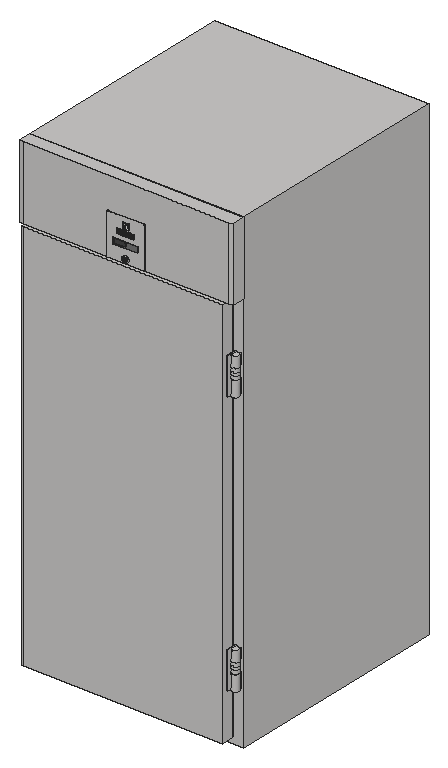
Revit family "QF_ELECTROLUXPROFESSIONAL_725099_RI16R1FR", category Specialty Equipment, Revit 2018
Family settings
  Round Connector Dimension = Use Diameter
  Part Type = Normal
  Work Plane-Based = No
  Always vertical = Yes
  Cut with Voids When Loaded = No
  Shared = No
  Room Calculation Point = No
Parameters
  Weight = 200.00 kg
  Watts = 0 W
  Volts = 0 V
  URL Manufacturer = ""
  URL = ""
  Steam Supply Size = 0 mm
  Steam Supply Minimum Pressure = 0.0 Pa
  Steam Supply Maximum Pressure = 0.0 Pa
  Steam Pounds per Hour = 0
  Refrigeration Suction Line Size = 0 mm
  Refrigeration Liquid Line Size = 0 mm
  Refrigerant Compressor Remote = yes
  Manufacturer = ""
  Phase = 0
  Model = ""
  Length Actual = 1021 mm  # constant formula
  Item Number = ""
  Hot Water Size = 0 mm
  Height Actual = 2273 mm  # constant formula
  HP = "0.7 HP"
  Gas Size = 0 mm
  Gas KW = 0
  Gas Input Pressure = 0 W
  Direct Waste Size = 0 mm
  Description = ""
  Depth Actual = 1175 mm  # constant formula
  Cycle = 0 Hz
  Condensate Return Size = 0 mm
  Compressed Air Volume = 0.0 L/s
  Compressed Air Size = 0 mm
  Compressed Air Pressure = 0.0 Pa
  Cold Water Size = 0 mm
  Accessory = yes
Types (2, lengths in mm): name | Volts | URL Manufacturer | URL | Manufacturer | Phase | Model | Item Number | Description | Cycle
  (no name) | 0 V | "" | "" | "" | 0 | "" | "" | "" | 0 Hz
  Standard | 220 V | "http://professional.electrolux.com" | "http://professional.electrolux.com" | "Electrolux Professional" | 1 | "RI16R1FR" | "725099" | "1-DOOR ROLL-IN REFRIGERATOR 1600L +2°C R290" | 50 Hz
Reference planes
  plane 1 "Center (Front/Back)": y = 0
  plane 2: z = 0
  plane 3 "Center (Left/Right)": x = 0
  plane 4 "TOP": z = 2273
  plane 5 "FRONT": y = -587.5
  plane 6 "BACK": y = 587.5
  plane 7 "LEFT": x = -510.5
  plane 8 "RIGHT": x = 510.5
  plane 9 "ROy": y = -397.5
  plane 10 "RIy": y = -393.5
  plane 11 "ROx": x = 394.5
  plane 12 "RIx": x = 332.5
  plane 13 "ROz": z = 2054
Forms (mm)
  Extrusion 1, solid, material "QF_Finishes_Stainless Steel"
    sketch origin (0, 0, 0) x (1, 0, 0) y (0, 1, 0)
      loop
        line (-510.5, 587.5) -> (-510.5, -515.5) -> (510.5, -515.5) -> (510.5, 587.5) -> (-510.5, 587.5)
    from 0 to 2273
  Extrusion 2, solid
    sketch origin (0, 587.5, 1872) x (-1, 0, 0) y (0, 0, 1)
      loop
        circle (494.5, 306) r 10
    from 0 to 3.2
  Extrusion 3, solid, material "QF_Clearances", detail levels coarse
    sketch origin (0, 0, 0) x (1, 0, 0) y (0, 1, 0)
      loop
        line (-510.5, -587.5) -> (-510.5, 587.5) -> (510.5, 587.5) -> (510.5, -587.5) -> (560.5, -587.5) -> (560.5, 637.5) -> (-560.5, 637.5) -> (-560.5, -587.5) -> (-510.5, -587.5)
    from 0 to 2273
  Extrusion 4, solid, material "QF_Clearances", detail levels coarse
    sketch origin (0, 0, 2273) x (-1, 0, 0) y (0, -1, 0)
      loop
        line (560.5, -637.5) -> (560.5, 587.5) -> (-560.5, 587.5) -> (-560.5, -637.5) -> (560.5, -637.5)
    from 0 to 500
  Extrusion 5, void
    sketch origin (0, 587.5, 0) x (-1, 0, 0) y (0, 0, 1)
      loop
        line (450.5, 1865) -> (-450.5, 1865) -> (-450.5, 5) -> (450.5, 5) -> (450.5, 1865)
    from -59 to -1084
Cuts and joins
  joined: Extrusion 3, Extrusion 4
  Extrusion 5 cuts Extrusion 1
Lines and regions (mm)
  symbolic lines, style "QF_Clearances", detail levels coarse
    curve 1: line (-510.5, -587.5, 2273) -> (-560.5, -587.5, 2273)
    curve 2: line (-560.5, -587.5, 2273) -> (-560.5, 637.5, 2273)
    curve 3: line (-560.5, 637.5, 2273) -> (560.5, 637.5, 2273)
    curve 4: line (560.5, 637.5, 2273) -> (560.5, -587.5, 2273)
    curve 5: line (560.5, -587.5, 2273) -> (510.5, -587.5, 2273)
Dimensions and locks
  plane 6 "BACK" to plane 1 "Center (Front/Back)" to plane 5 "FRONT" = 587.5 mm, 587.5 mm
  equal spacing: plane 7 "LEFT", plane 3 "Center (Left/Right)", plane 8 "RIGHT"
  plane 7 "LEFT" to plane 8 "RIGHT" = 1021 mm
  plane 6 "BACK" to plane 5 "FRONT" = 1175 mm
  plane 4 "TOP" to plane 2 = 2273 mm
  equal spacing: plane 8 "RIGHT", plane 3 "Center (Left/Right)", plane 7 "LEFT"
  plane 6 "BACK" to nested 1 = 2123 mm
  cut or joined group of Extrusion 1, Extrusion 5 to cut or joined group of Extrusion 1, Extrusion 5 = 901 mm
  cut or joined group of Extrusion 1, Extrusion 5 to cut or joined group of Extrusion 1, Extrusion 5 = 1044 mm
  plane 6 "BACK" to plane 10 "RIy" = 981 mm
  plane 6 "BACK" to plane 9 "ROy" = 985 mm
  plane 12 "RIx" to plane 11 "ROx" = 62 mm
  cut or joined group of Extrusion 1, Extrusion 5 to plane 13 "ROz" = 219 mm
  cut or joined group of Extrusion 3, Extrusion 4 to plane 4 "TOP" = 500 mm
  nested 1 to cut or joined group of Extrusion 1, Extrusion 5 = 1169 mm
  cut or joined group of Extrusion 3, Extrusion 4 to cut or joined group of Extrusion 1, Extrusion 5 = 50 mm
  cut or joined group of Extrusion 3, Extrusion 4 to plane 7 "LEFT" = 50 mm
  cut or joined group of Extrusion 1, Extrusion 5 to cut or joined group of Extrusion 3, Extrusion 4 = 50 mm
  plane 4 "TOP" to plane 13 "ROz" = 219 mm
  plane 11 "ROx" to plane 8 "RIGHT" = 116 mm
  plane 8 "RIGHT" to plane 7 "LEFT" = 1021 mm
  aligned and locked: level to plane 2
Automatic sketch dimensions
  plane 7 "LEFT" to Extrusion 2 sketch curve = 16 mm
  Extrusion 4 sketch curve to plane 5 "FRONT" = 0 mm
  Extrusion 4 sketch curve to plane 8 "RIGHT" = 50 mm
  Extrusion 4 sketch curve to plane 7 "LEFT" = 50 mm
  plane 6 "BACK" to Extrusion 4 sketch curve = 50 mm
  Extrusion 1 sketch curve to plane 7 "LEFT" = 0 mm
  Extrusion 1 sketch curve to plane 8 "RIGHT" = 0 mm
  Extrusion 1 sketch curve to plane 6 "BACK" = 0 mm
  plane 5 "FRONT" to Extrusion 1 sketch curve = 72 mm
  Extrusion 2 sketch curve to plane 4 "TOP" = 95 mm
  Extrusion 3 sketch curve to plane 5 "FRONT" = 0 mm  (x2)
  Extrusion 3 sketch curve to plane 7 "LEFT" = 0 mm
  Extrusion 3 sketch curve to plane 6 "BACK" = 0 mm
  Extrusion 3 sketch curve to plane 8 "RIGHT" = 0 mm
  Extrusion 3 sketch curve to plane 7 "LEFT" = 50 mm
  Extrusion 3 sketch curve to plane 8 "RIGHT" = 50 mm
  plane 6 "BACK" to Extrusion 3 sketch curve = 50 mm
  level to Extrusion 5 sketch curve = 5 mm
  plane 8 "RIGHT" to Extrusion 5 sketch curve = 60 mm
  plane 7 "LEFT" to Extrusion 5 sketch curve = 60 mm
  Extrusion 5 sketch curve to plane 4 "TOP" = 408 mm
  curve 4 to plane 5 "FRONT" = 0 mm
  curve 5 to plane 8 "RIGHT" = 0 mm
  curve 1 to plane 5 "FRONT" = 0 mm
  curve 1 to plane 7 "LEFT" = 0 mm
  curve 4 to plane 8 "RIGHT" = 50 mm
  curve 2 to plane 7 "LEFT" = 50 mm
  plane 6 "BACK" to curve 4 = 50 mm
  radius of Extrusion 2 sketch curve = 10 mm
Nested families
  nested 1: "QF_725099_Door" at (0, -515.5, 1129.637) x (1, 0, 0) z (0, -1, 0), type "QF_725099_Door"
    with Show Clearance yes
  nested 2: "Refrigerator" at (370, -442.5, 110), type "Refrigerator"
Connectors
  electrical at (-494.5, 590.7, 2178), driven by "Volts"
    settings: on Extrusion 2, index 2, voltage 0 V, apparent load 0 VA, apparent load phase1 0 VA, apparent load phase2 0 VA, apparent load phase3 0 VA, power factor 1, load classification "Other", number of poles 1, system type 30, power factor state 1, is connector primary yes, connector utility no, sub classification motor no, connector description "Electrical Connection"
Definition of nested family "QF_725099_Door"
  Parameters
    Show Clearance [instance] = yes
    Model = "725099"
    Default Elevation = 1219.2 mm
  Reference planes
    plane 1 "Center (Front/Back)": y = 6.863
    plane 2: z = 0
    plane 3 "Center (Left/Right)": x = 0
  Forms (mm)
    Extrusion 1, solid
      sketch origin (0, -919.2, 0) x (1, 0, 0) y (0, 1, 0)
        loop
          line (-1100, 2726.7) -> (-1100, -663.873) -> (1016.701, -663.873) -> (1016.701, 2726.7) -> (-1100, 2726.7)
      from 0 to -59.546
    Extrusion 2, solid
      sketch origin (0, 6.863, 0) x (1, 0, 0) y (0, 0, 1)
        loop
          line (-510.5, 60.667) -> (-510.5, 0) -> (510.5, 0) -> (510.5, 60.667) -> (490.5, 66) -> (-490.5, 66) -> (-510.5, 60.667)
      from -1136.5 to -786.5
    Extrusion 3, solid
      sketch origin (0, 6.863, 0) x (1, 0, 0) y (0, 0, 1)
        loop
          line (-498.5, 26) -> (-483.5, 26) -> (-483.5, 8) -> (-465.5, 8) -> (-465.5, 0) -> (457.5, 0) -> (457.5, 8) -> (461.5, 8) -> (461.5, 66) -> (-490.5, 66) -> (-498.5, 63.867) -> (-498.5, 26)
      from -775 to 1105
    Extrusion 4, solid, detail levels coarse
      sketch origin (154.5, 1013.369, -334) x (-1, 0, 0) y (0, 0, -1)
        loop
          line (-367, -352) -> (-367, -1354) -> (-329, -1354) -> (-329, -1332) -> (-311, -1332) -> (-311, -1314) -> (-303, -1314) -> (-303, -400) -> (-351, -400) -> (-351, -352) -> (-367, -352)
      from 2110.506 to 232.142
    Extrusion 5, solid, detail levels coarse
      sketch origin (171.5, 1121.732, -334) x (1, 0, 0) y (0, 0, 1)
        loop
          line (286, 400) -> (286, 1314) -> (294, 1314) -> (294, 1332) -> (312, 1332) -> (312, 1354)
          arc (312, 1354) -> (-379.974, 1081.719) -> (-677, 400) r 972.027
          line (-677, 400) -> (286, 400)
      from 2219.869 to 339.869
    Extrusion 6, solid
      sketch origin (-4, 6.863, 0) x (1, 0, 0) y (0, 0, 1)
        loop
          line (465.5, 46) -> (465.5, 0) -> (474.5, 0) -> (474.5, 46) -> (465.5, 46)
      from -550 to -375
    Extrusion 7, solid
      sketch origin (-4, 6.863, -15.333) x (1, 0, 0) y (0, 0, 1)
        loop
          arc (501.5, 23.843) -> (491.5, 52.333) -> (481.5, 23.843) r 16
          line (481.5, 23.843) -> (481.5, 15.333) -> (501.5, 15.333) -> (501.5, 23.843)
      from -500 to -550
    Extrusion 8, solid
      sketch origin (451.167, 6.863, 512.5) x (0, 0, -1) y (1, 0, 0)
        loop
          arc (501.5, 23.843) -> (491.5, 52.333) -> (481.5, 23.843) r 16
          line (481.5, 23.843) -> (481.5, 19.333) -> (501.5, 19.333) -> (501.5, 23.843)
      from -482 to -500
    Extrusion 9, solid
      sketch origin (-4, 6.863, -15.333) x (1, 0, 0) y (0, 0, 1)
        loop
          arc (501.5, 23.843) -> (491.5, 52.333) -> (481.5, 23.843) r 16
          line (481.5, 23.843) -> (481.5, 15.333) -> (501.5, 15.333) -> (501.5, 23.843)
      from -445 to -375
    Extrusion 10, solid
      sketch origin (451.167, 6.863, 512.5) x (0, 0, -1) y (1, 0, 0)
        loop
          arc (501.5, 23.843) -> (491.5, 52.333) -> (481.5, 23.843) r 16
          line (481.5, 23.843) -> (481.5, 19.333) -> (501.5, 19.333) -> (501.5, 23.843)
      from -469 to -482
    Extrusion 11, solid
      sketch origin (451.167, 6.863, 512.5) x (0, 0, -1) y (1, 0, 0)
        loop
          arc (501.5, 23.843) -> (491.5, 52.333) -> (481.5, 23.843) r 16
          line (481.5, 23.843) -> (481.5, 19.333) -> (501.5, 19.333) -> (501.5, 23.843)
      from -451 to -469
    Extrusion 12, solid
      sketch origin (-4, 6.863, 0) x (1, 0, 0) y (0, 0, 1)
        loop
          circle (491.5, 21) r 12
      from -451 to -445
    Extrusion 13, solid
      sketch origin (-4, -1252.773, 0) x (1, 0, 0) y (0, 0, 1)
        loop
          line (465.5, 46) -> (465.5, 0) -> (474.5, 0) -> (474.5, 46) -> (465.5, 46)
      from -550 to -375
    Extrusion 14, solid
      sketch origin (-4, -1252.773, -15.333) x (1, 0, 0) y (0, 0, 1)
        loop
          arc (501.5, 23.843) -> (491.5, 52.333) -> (481.5, 23.843) r 16
          line (481.5, 23.843) -> (481.5, 15.333) -> (501.5, 15.333) -> (501.5, 23.843)
      from -500 to -550
    Extrusion 15, solid
      sketch origin (451.167, -1252.773, 512.5) x (0, 0, -1) y (1, 0, 0)
        loop
          arc (501.5, 23.843) -> (491.5, 52.333) -> (481.5, 23.843) r 16
          line (481.5, 23.843) -> (481.5, 19.333) -> (501.5, 19.333) -> (501.5, 23.843)
      from -482 to -500
    Extrusion 16, solid
      sketch origin (-4, -1252.773, -15.333) x (1, 0, 0) y (0, 0, 1)
        loop
          arc (501.5, 23.843) -> (491.5, 52.333) -> (481.5, 23.843) r 16
          line (481.5, 23.843) -> (481.5, 15.333) -> (501.5, 15.333) -> (501.5, 23.843)
      from -445 to -375
    Extrusion 17, solid
      sketch origin (451.167, -1252.773, 512.5) x (0, 0, -1) y (1, 0, 0)
        loop
          arc (501.5, 23.843) -> (491.5, 52.333) -> (481.5, 23.843) r 16
          line (481.5, 23.843) -> (481.5, 19.333) -> (501.5, 19.333) -> (501.5, 23.843)
      from -469 to -482
    Extrusion 18, solid
      sketch origin (451.167, -1252.773, 512.5) x (0, 0, -1) y (1, 0, 0)
        loop
          arc (501.5, 23.843) -> (491.5, 52.333) -> (481.5, 23.843) r 16
          line (481.5, 23.843) -> (481.5, 19.333) -> (501.5, 19.333) -> (501.5, 23.843)
      from -451 to -469
    Extrusion 19, solid
      sketch origin (-4, -1252.773, 0) x (1, 0, 0) y (0, 0, 1)
        loop
          circle (491.5, 21) r 12
      from -451 to -445
  Lines and regions (mm)
    symbolic lines
      curve 1: line (-510.5, 6.863, 0) -> (-510.5, 6.863, 60.667)
      curve 2: line (510.5, 6.863, 0) -> (-510.5, 6.863, 0)
      curve 3: line (521.5, 6.863, 18) -> (521.5, 6.863, 1020)
      curve 4: line (457.5, 6.863, 66) -> (457.5, 6.863, 980)
      curve 5: line (521.5, 6.863, 1020) -> (483.5, 6.863, 1020)
      curve 6: line (483.5, 6.863, 998) -> (483.5, 6.863, 1020)
      curve 7: line (465.5, 6.863, 998) -> (483.5, 6.863, 998)
      curve 8: line (465.5, 6.863, 980) -> (465.5, 6.863, 998)
      curve 9: line (457.5, 6.863, 980) -> (465.5, 6.863, 980)
      curve 10: line (510.5, 6.863, 18) -> (521.5, 6.863, 18)
      curve 11: line (-490.5, 6.863, 66) -> (-510.5, 6.863, 60.667)
      curve 12: line (490.5, 6.863, 66) -> (-490.5, 6.863, 66)
      curve 13: line (510.5, 6.863, 60.667) -> (490.5, 6.863, 66)
      curve 14: line (510.5, 6.863, 60.667) -> (510.5, 6.863, 0)
      curve 15: arc (483.5, 6.863, 1020) -> (-208.474, 6.863, 747.719) -> (-505.5, 6.863, 66) r 972.027
  Dimensions and locks
    aligned and locked: plane 2 to Extrusion 1
    aligned and locked: level to Extrusion 1
  Nested families
    nested 1: "QF_DisplayNewRollCabinets_ELX" at (0, 893.363, 66), type "QF_DisplayNewRollCabinets_ELX"
      with Show Clearance yes
  Definition of nested family "QF_DisplayNewRollCabinets_ELX"
    Parameters
      Show Clearance [instance] = yes
      Model = "728658"
      Default Elevation = 1219.2 mm
    Reference planes
      plane 1 "Center (Front/Back)": y = 0
      plane 2: z = 0
      plane 3 "Center (Left/Right)": x = 0
    Forms (mm)
      Extrusion 1, solid
        sketch origin (0, -919.2, 0) x (1, 0, 0) y (0, 1, 0)
          loop
            line (-198.75, 1146.2) -> (-198.75, 709.567) -> (165.741, 709.567) -> (165.741, 1146.2) -> (-198.75, 1146.2)
        from 0 to -59.546
      Extrusion 2, solid
        sketch origin (-59, -79.611, 0) x (0, 1, 0) y (-1, 0, 0)
          loop
            circle (0.611, -59) r 14
          loop
            circle (0.611, -59) r 10
        from 1.6 to 6
      Extrusion 3, solid
        sketch origin (744.635, 285.889, 0) x (0, 1, 0) y (-1, 0, 0)
          loop
            circle (-364.889, 744.635) r 10
          loop
            circle (-364.889, 744.635) r 9
        from 1.6 to 6
      Extrusion 4, solid
        sketch origin (744.635, 285.889, 0) x (0, 1, 0) y (-1, 0, 0)
          loop
            circle (-364.889, 744.635) r 8.7
        from 1.6 to 6
      Extrusion 5, void
        sketch origin (744.635, 285.889, 0) x (0, 1, 0) y (-1, 0, 0)
          loop
            line (-372.339, 745.885) -> (-372.339, 743.385) -> (-362.339, 743.385) -> (-362.339, 745.885) -> (-372.339, 745.885)
        from 3 to 7
      Extrusion 6, solid
        sketch origin (0, 0, 0) x (1, 0, 0) y (0, 1, 0)
          loop
            arc (-90, -95) -> (-88.536, -98.536) -> (-85, -100) r 5
            line (-85, -100) -> (85, -100)
            arc (85, -100) -> (88.536, -98.536) -> (90, -95) r 5
            line (90, -95) -> (90, 95)
            arc (90, 95) -> (88.536, 98.536) -> (85, 100) r 5
            line (85, 100) -> (-85, 100)
            arc (-85, 100) -> (-88.536, 98.536) -> (-90, 95) r 5
            line (-90, 95) -> (-90, -95)
          loop
            line (-60, -3.798) -> (-60, -32.827) -> (60, -32.827) -> (60, -3.798) -> (-60, -3.798)
        from 0 to 1.6
      Extrusion 7, solid
        sketch origin (0, 0, 0) x (1, 0, 0) y (0, 1, 0)
          loop
            line (-60, -3.798) -> (-60, -32.827) -> (60, -32.827) -> (60, -3.798) -> (-60, -3.798)
          loop
            line (-56.428, -8.037) -> (-56.428, -28.331) -> (0, -28.331) -> (0, -8.037) -> (-56.428, -8.037)
        from 0 to 1.6
      Extrusion 8, solid
        sketch origin (0, 0, 0) x (1, 0, 0) y (0, 1, 0)
          loop
            line (-56.428, -8.037) -> (-56.428, -28.331) -> (0, -28.331) -> (0, -8.037) -> (-56.428, -8.037)
        from 0 to 1.6
      Extrusion 9, solid
        sketch origin (0, 0, 0) x (1, 0, 0) y (0, 1, 0)
          loop
            spline (-35.495, 30.517) -> (-35.679, 30.525) -> (-35.875, 30.55) -> (-36.078, 30.596) -> (-36.282, 30.665) -> (-36.483, 30.762) -> (-36.674, 30.888) -> (-36.851, 31.047) -> (-37.007, 31.242) -> (-37.138, 31.476) -> (-37.238, 31.752) -> (-37.302, 32.073) -> (-37.325, 32.443)
            line (-37.325, 32.443) -> (-37.325, 34.082) -> (-31.914, 34.082) -> (-31.914, 36.172) -> (-37.326, 36.172) -> (-37.326, 39.215) -> (-31.569, 39.215) -> (-31.569, 41.3) -> (-39.541, 41.3) -> (-39.541, 32.538)
            spline (-39.541, 32.538) -> (-39.521, 31.999) -> (-39.461, 31.491) -> (-39.359, 31.016) -> (-39.214, 30.575) -> (-39.026, 30.17) -> (-38.792, 29.803) -> (-38.513, 29.476) -> (-38.186, 29.19) -> (-37.811, 28.948) -> (-37.386, 28.75) -> (-36.91, 28.599) -> (-36.383, 28.497)
            line (-36.383, 28.497) -> (-35.513, 28.434) -> (-31.415, 28.434) -> (-31.415, 30.517) -> (-35.495, 30.517)
          loop
            line (-29.841, 35.221) -> (-29.841, 28.431) -> (-27.625, 28.431) -> (-27.625, 41.303) -> (-29.841, 41.303) -> (-29.841, 35.221)
          loop
            spline (-16.689, 32.543) -> (-16.674, 33.24) -> (-16.741, 33.914) -> (-16.887, 34.559) -> (-17.108, 35.168) -> (-17.403, 35.737) -> (-17.768, 36.257) -> (-18.2, 36.724) -> (-18.697, 37.131) -> (-19.255, 37.471) -> (-19.872, 37.739) -> (-20.545, 37.929) -> (-21.271, 38.033)
            spline (-21.271, 38.033) -> (-21.961, 37.993) -> (-22.617, 37.875) -> (-23.233, 37.682) -> (-23.805, 37.417) -> (-24.328, 37.083) -> (-24.797, 36.683) -> (-25.207, 36.219) -> (-25.554, 35.696) -> (-25.832, 35.116) -> (-26.036, 34.481) -> (-26.162, 33.795) -> (-26.206, 33.061)
            spline (-26.206, 33.061) -> (-26.164, 32.345) -> (-26.041, 31.676) -> (-25.841, 31.056) -> (-25.568, 30.489) -> (-25.226, 29.977) -> (-24.818, 29.524) -> (-24.348, 29.133) -> (-23.822, 28.805) -> (-23.241, 28.546) -> (-22.61, 28.357) -> (-21.934, 28.241) -> (-21.215, 28.202)
            spline (-21.215, 28.202) -> (-20.865, 28.21) -> (-20.518, 28.237) -> (-20.176, 28.283) -> (-19.837, 28.35) -> (-19.503, 28.441) -> (-19.173, 28.557) -> (-18.847, 28.699) -> (-18.525, 28.87) -> (-18.208, 29.07) -> (-17.895, 29.303) -> (-17.587, 29.569) -> (-17.283, 29.871)
            line (-17.283, 29.871) -> (-18.618, 31.17)
            spline (-18.618, 31.17) -> (-18.794, 31.001) -> (-18.971, 30.845) -> (-19.151, 30.704) -> (-19.334, 30.578) -> (-19.523, 30.465) -> (-19.72, 30.368) -> (-19.925, 30.284) -> (-20.141, 30.216) -> (-20.369, 30.163) -> (-20.61, 30.125) -> (-20.867, 30.102) -> (-21.141, 30.094)
            spline (-21.141, 30.094) -> (-21.542, 30.114) -> (-21.918, 30.172) -> (-22.268, 30.268) -> (-22.589, 30.399) -> (-22.881, 30.564) -> (-23.142, 30.762) -> (-23.37, 30.99) -> (-23.564, 31.248) -> (-23.721, 31.534) -> (-23.841, 31.846) -> (-23.921, 32.183) -> (-23.961, 32.543)
            line (-23.961, 32.543) -> (-16.689, 32.543)
          loop
            spline (-18.915, 34.101) -> (-18.937, 34.375) -> (-19, 34.638) -> (-19.101, 34.889) -> (-19.237, 35.124) -> (-19.407, 35.342) -> (-19.606, 35.538) -> (-19.833, 35.712) -> (-20.083, 35.859) -> (-20.355, 35.979) -> (-20.646, 36.067) -> (-20.952, 36.122) -> (-21.271, 36.141)
            spline (-21.271, 36.141) -> (-21.613, 36.123) -> (-21.943, 36.069) -> (-22.256, 35.981) -> (-22.552, 35.864) -> (-22.825, 35.717) -> (-23.075, 35.545) -> (-23.297, 35.35) -> (-23.49, 35.133) -> (-23.65, 34.897) -> (-23.774, 34.645) -> (-23.86, 34.379) -> (-23.905, 34.101)
            line (-23.905, 34.101) -> (-18.915, 34.101)
          loop
            spline (-13.301, 33.118) -> (-13.275, 33.53) -> (-13.201, 33.921) -> (-13.081, 34.288) -> (-12.918, 34.628) -> (-12.715, 34.938) -> (-12.475, 35.216) -> (-12.201, 35.459) -> (-11.896, 35.664) -> (-11.563, 35.828) -> (-11.205, 35.948) -> (-10.825, 36.023) -> (-10.425, 36.048)
            spline (-10.425, 36.048) -> (-10.18, 36.041) -> (-9.946, 36.018) -> (-9.721, 35.98) -> (-9.505, 35.928) -> (-9.298, 35.862) -> (-9.099, 35.782) -> (-8.908, 35.688) -> (-8.724, 35.581) -> (-8.547, 35.461) -> (-8.376, 35.329) -> (-8.211, 35.185) -> (-8.051, 35.028)
            line (-8.051, 35.028) -> (-6.678, 36.457)
            spline (-6.678, 36.457) -> (-6.951, 36.73) -> (-7.233, 36.975) -> (-7.522, 37.194) -> (-7.819, 37.386) -> (-8.123, 37.553) -> (-8.434, 37.695) -> (-8.751, 37.813) -> (-9.075, 37.908) -> (-9.404, 37.98) -> (-9.739, 38.031) -> (-10.08, 38.061) -> (-10.425, 38.07)
            spline (-10.425, 38.07) -> (-11.118, 38.028) -> (-11.781, 37.902) -> (-12.409, 37.698) -> (-12.996, 37.421) -> (-13.537, 37.075) -> (-14.024, 36.665) -> (-14.453, 36.196) -> (-14.817, 35.671) -> (-15.11, 35.097) -> (-15.327, 34.476) -> (-15.462, 33.815) -> (-15.508, 33.118)
            spline (-15.508, 33.118) -> (-15.462, 32.42) -> (-15.327, 31.759) -> (-15.11, 31.138) -> (-14.817, 30.564) -> (-14.453, 30.039) -> (-14.024, 29.57) -> (-13.537, 29.16) -> (-12.996, 28.814) -> (-12.409, 28.537) -> (-11.781, 28.333) -> (-11.118, 28.207) -> (-10.425, 28.165)
            spline (-10.425, 28.165) -> (-10.08, 28.174) -> (-9.739, 28.204) -> (-9.404, 28.255) -> (-9.075, 28.327) -> (-8.751, 28.422) -> (-8.434, 28.54) -> (-8.123, 28.682) -> (-7.819, 28.849) -> (-7.522, 29.041) -> (-7.233, 29.26) -> (-6.951, 29.505) -> (-6.678, 29.779)
            line (-6.678, 29.779) -> (-8.051, 31.207)
            spline (-8.051, 31.207) -> (-8.211, 31.05) -> (-8.376, 30.906) -> (-8.547, 30.774) -> (-8.724, 30.654) -> (-8.908, 30.547) -> (-9.099, 30.453) -> (-9.298, 30.373) -> (-9.505, 30.307) -> (-9.721, 30.255) -> (-9.946, 30.217) -> (-10.18, 30.194) -> (-10.425, 30.187)
            spline (-10.425, 30.187) -> (-10.825, 30.212) -> (-11.205, 30.287) -> (-11.563, 30.407) -> (-11.896, 30.571) -> (-12.201, 30.776) -> (-12.475, 31.019) -> (-12.715, 31.297) -> (-12.918, 31.607) -> (-13.081, 31.947) -> (-13.201, 32.314) -> (-13.275, 32.705) -> (-13.301, 33.118)
          loop
            spline (-1.029, 30.514) -> (-1.224, 30.511) -> (-1.433, 30.525) -> (-1.651, 30.562) -> (-1.872, 30.623) -> (-2.09, 30.713) -> (-2.301, 30.835) -> (-2.498, 30.992) -> (-2.675, 31.189) -> (-2.829, 31.429) -> (-2.952, 31.716) -> (-3.039, 32.053) -> (-3.086, 32.443)
            line (-3.086, 32.443) -> (-3.086, 35.726) -> (-1.07, 35.726) -> (-1.07, 37.739) -> (-3.083, 37.739) -> (-3.083, 41.303) -> (-5.299, 41.303) -> (-5.299, 32.317)
            spline (-5.299, 32.317) -> (-5.251, 31.795) -> (-5.165, 31.305) -> (-5.04, 30.847) -> (-4.875, 30.424) -> (-4.668, 30.037) -> (-4.418, 29.687) -> (-4.125, 29.377) -> (-3.788, 29.108) -> (-3.405, 28.881) -> (-2.975, 28.699) -> (-2.498, 28.562) -> (-1.972, 28.474)
            line (-1.972, 28.474) -> (-1.037, 28.431) -> (-1.029, 30.514)
          loop
            spline (6.427, 37.868) -> (6.044, 37.892) -> (5.675, 37.885) -> (5.321, 37.849) -> (4.984, 37.784) -> (4.663, 37.692) -> (4.362, 37.573) -> (4.079, 37.428) -> (3.817, 37.259) -> (3.576, 37.066) -> (3.358, 36.85) -> (3.163, 36.613) -> (2.992, 36.355)
            line (2.992, 36.355) -> (2.992, 37.739) -> (0.794, 37.739) -> (0.794, 28.431) -> (2.992, 28.431) -> (2.992, 33.325)
            spline (2.992, 33.325) -> (3.013, 33.696) -> (3.072, 34.042) -> (3.169, 34.362) -> (3.303, 34.653) -> (3.471, 34.915) -> (3.673, 35.147) -> (3.907, 35.346) -> (4.171, 35.513) -> (4.465, 35.644) -> (4.785, 35.74) -> (5.132, 35.799) -> (5.504, 35.818)
            line (5.504, 35.818) -> (6.427, 35.726) -> (6.427, 37.868)
          loop
            spline (16.924, 33.085) -> (16.877, 33.768) -> (16.743, 34.419) -> (16.525, 35.032) -> (16.231, 35.603) -> (15.866, 36.126) -> (15.437, 36.596) -> (14.949, 37.008) -> (14.409, 37.357) -> (13.823, 37.637) -> (13.196, 37.844) -> (12.535, 37.972) -> (11.845, 38.016)
            spline (11.845, 38.016) -> (11.152, 37.972) -> (10.488, 37.844) -> (9.86, 37.637) -> (9.273, 37.357) -> (8.733, 37.008) -> (8.246, 36.596) -> (7.818, 36.126) -> (7.455, 35.603) -> (7.163, 35.032) -> (6.946, 34.419) -> (6.812, 33.768) -> (6.766, 33.085)
            spline (6.766, 33.085) -> (6.812, 32.402) -> (6.946, 31.752) -> (7.163, 31.138) -> (7.455, 30.568) -> (7.818, 30.045) -> (8.246, 29.574) -> (8.733, 29.162) -> (9.273, 28.813) -> (9.86, 28.533) -> (10.488, 28.326) -> (11.152, 28.198) -> (11.845, 28.154)
            spline (11.845, 28.154) -> (12.535, 28.198) -> (13.196, 28.326) -> (13.823, 28.533) -> (14.409, 28.813) -> (14.949, 29.162) -> (15.437, 29.574) -> (15.866, 30.045) -> (16.231, 30.568) -> (16.525, 31.138) -> (16.743, 31.752) -> (16.877, 32.402) -> (16.924, 33.085)
          loop
            spline (14.726, 33.085) -> (14.7, 33.488) -> (14.625, 33.872) -> (14.504, 34.235) -> (14.34, 34.572) -> (14.136, 34.882) -> (13.895, 35.161) -> (13.62, 35.405) -> (13.315, 35.612) -> (12.981, 35.778) -> (12.623, 35.901) -> (12.244, 35.977) -> (11.845, 36.003)
            spline (11.845, 36.003) -> (11.443, 35.977) -> (11.061, 35.901) -> (10.702, 35.778) -> (10.368, 35.612) -> (10.063, 35.405) -> (9.789, 35.161) -> (9.549, 34.882) -> (9.346, 34.572) -> (9.184, 34.235) -> (9.064, 33.872) -> (8.99, 33.488) -> (8.965, 33.085)
            spline (8.965, 33.085) -> (8.99, 32.682) -> (9.064, 32.298) -> (9.184, 31.936) -> (9.346, 31.598) -> (9.549, 31.288) -> (9.789, 31.01) -> (10.063, 30.765) -> (10.368, 30.558) -> (10.702, 30.392) -> (11.061, 30.269) -> (11.443, 30.193) -> (11.845, 30.167)
            spline (11.845, 30.167) -> (12.244, 30.193) -> (12.623, 30.269) -> (12.981, 30.392) -> (13.315, 30.558) -> (13.62, 30.765) -> (13.895, 31.01) -> (14.136, 31.288) -> (14.34, 31.598) -> (14.504, 31.936) -> (14.625, 32.298) -> (14.7, 32.682) -> (14.726, 33.085)
          loop
            line (18.286, 35.443) -> (18.286, 28.431) -> (20.504, 28.431) -> (20.504, 41.303) -> (18.286, 41.303) -> (18.286, 35.443)
          loop
            line (28.496, 37.739) -> (28.496, 32.328)
            spline (28.496, 32.328) -> (28.478, 31.977) -> (28.426, 31.659) -> (28.342, 31.376) -> (28.228, 31.126) -> (28.085, 30.908) -> (27.916, 30.721) -> (27.723, 30.566) -> (27.508, 30.44) -> (27.273, 30.344) -> (27.019, 30.276) -> (26.748, 30.236) -> (26.464, 30.223)
            spline (26.464, 30.223) -> (26.18, 30.236) -> (25.909, 30.276) -> (25.656, 30.344) -> (25.42, 30.44) -> (25.205, 30.564) -> (25.012, 30.719) -> (24.843, 30.904) -> (24.701, 31.12) -> (24.587, 31.368) -> (24.503, 31.648) -> (24.451, 31.962) -> (24.433, 32.309)
            line (24.433, 32.309) -> (24.433, 37.739) -> (22.198, 37.739) -> (22.198, 32.125)
            spline (22.198, 32.125) -> (22.238, 31.488) -> (22.352, 30.91) -> (22.537, 30.388) -> (22.786, 29.923) -> (23.095, 29.514) -> (23.456, 29.16) -> (23.866, 28.863) -> (24.319, 28.62) -> (24.808, 28.432) -> (25.33, 28.298) -> (25.877, 28.218) -> (26.446, 28.191)
            spline (26.446, 28.191) -> (27.019, 28.218) -> (27.571, 28.299) -> (28.097, 28.435) -> (28.591, 28.626) -> (29.047, 28.872) -> (29.46, 29.174) -> (29.825, 29.532) -> (30.136, 29.947) -> (30.387, 30.419) -> (30.574, 30.948) -> (30.69, 31.535) -> (30.729, 32.18)
            line (30.729, 32.18) -> (30.729, 37.739) -> (28.496, 37.739)
          loop
            line (39.115, 31.408) -> (37.717, 33.362) -> (39.448, 35.719) -> (40.93, 37.739) -> (38.511, 37.739) -> (36.497, 34.95) -> (34.466, 37.739) -> (32.065, 37.739) -> (33.442, 35.856) -> (35.279, 33.344) -> (33.354, 30.663) -> (31.751, 28.431) -> (34.134, 28.431) -> (36.497, 31.719) -> (38.861, 28.431) -> (41.244, 28.431) -> (39.115, 31.408)
          loop
            line (-38.295, 23.783) -> (-40.009, 23.783) -> (-40.009, 19.333) -> (-39.095, 19.333) -> (-39.095, 20.841) -> (-38.295, 20.841)
            arc (-38.295, 20.841) -> (-36.824, 22.312) -> (-38.295, 23.783) r 1.471
          loop
            arc (-38.234, 21.69) -> (-37.702, 22.312) -> (-38.234, 22.934) r 0.63
            line (-38.234, 22.934) -> (-39.095, 22.934) -> (-39.095, 21.69) -> (-38.234, 21.69)
          loop
            line (-31.313, 23.783) -> (-33.058, 23.783) -> (-33.058, 19.333) -> (-32.144, 19.333) -> (-32.144, 20.866) -> (-31.349, 20.866) -> (-30.568, 19.333) -> (-29.53, 19.333) -> (-30.598, 21.091)
            arc (-30.598, 21.091) -> (-30.04, 21.611) -> (-29.845, 22.348) r 1.374
            arc (-29.845, 22.348) -> (-30.287, 23.365) -> (-31.313, 23.783) r 1.469
          loop
            line (-31.332, 22.942) -> (-32.144, 22.942) -> (-32.144, 21.7) -> (-31.332, 21.7)
            arc (-31.332, 21.7) -> (-30.827, 22.321) -> (-31.332, 22.942) r 0.634
          loop
            circle (-23.849, 21.558) r 2.311
          loop
            circle (-23.849, 21.558) r 1.467
          loop
            line (-17.711, 23.783) -> (-17.711, 19.333) -> (-16.796, 19.333) -> (-16.796, 21.162) -> (-15.122, 21.162) -> (-15.122, 22.003) -> (-16.796, 22.003) -> (-16.796, 22.942) -> (-14.961, 22.942) -> (-14.961, 23.783) -> (-17.711, 23.783)
          loop
            line (-11.187, 23.783) -> (-11.187, 20.776)
            arc (-11.187, 20.776) -> (-10.776, 19.757) -> (-9.763, 19.333) r 1.424
            line (-9.763, 19.333) -> (-8.326, 19.333) -> (-8.326, 20.174) -> (-9.388, 20.174)
            arc (-9.388, 20.174) -> (-10.074, 20.494) -> (-10.272, 21.224) r 0.897
            line (-10.272, 21.224) -> (-8.492, 21.224) -> (-8.492, 22.065) -> (-10.272, 22.065) -> (-10.272, 22.942) -> (-8.369, 22.942) -> (-8.369, 23.783) -> (-11.187, 23.783)
          loop
            line (-2.341, 22.616) -> (-1.684, 23.067)
            arc (-1.684, 23.067) -> (-2.293, 23.661) -> (-3.121, 23.857) r 1.593
            arc (-3.121, 23.857) -> (-3.842, 23.672) -> (-4.423, 23.206) r 1.765
            arc (-4.423, 23.206) -> (-4.501, 22.623) -> (-4.383, 22.046) r 1.775
            arc (-4.383, 22.046) -> (-3.986, 21.617) -> (-3.47, 21.346) r 1.724
            arc (-3.47, 21.346) -> (-3.071, 21.188) -> (-2.688, 20.994) r 4.507
            arc (-2.688, 20.994) -> (-2.464, 20.43) -> (-2.973, 20.098) r 0.479
            arc (-2.973, 20.098) -> (-3.616, 20.315) -> (-4.111, 20.78) r 1.593
            line (-4.111, 20.78) -> (-4.81, 20.341)
            arc (-4.81, 20.341) -> (-4.533, 19.884) -> (-4.129, 19.534) r 1.711
            arc (-4.129, 19.534) -> (-3.616, 19.315) -> (-3.061, 19.259) r 1.845
            arc (-3.061, 19.259) -> (-2.375, 19.396) -> (-1.757, 19.724) r 2.41
            arc (-1.757, 19.724) -> (-1.484, 20.45) -> (-1.625, 21.213) r 1.447
            arc (-1.625, 21.213) -> (-1.929, 21.564) -> (-2.319, 21.818) r 1.678
            arc (-2.319, 21.818) -> (-2.811, 22.038) -> (-3.316, 22.227) r 8.836
            arc (-3.316, 22.227) -> (-3.607, 22.681) -> (-3.186, 23.017) r 0.402
            arc (-3.186, 23.017) -> (-2.717, 22.913) -> (-2.341, 22.616) r 1.07
          loop
            line (9.023, 23.783) -> (9.023, 19.333) -> (9.938, 19.333) -> (9.938, 23.783) -> (9.023, 23.783)
          loop
            circle (16.107, 21.558) r 1.384
          loop
            circle (16.107, 21.558) r 2.311
          loop
            line (22.245, 19.333) -> (23.169, 19.333) -> (23.169, 22.131) -> (25.205, 19.333) -> (26.094, 19.333) -> (26.094, 23.783) -> (25.17, 23.783) -> (25.17, 20.9) -> (23.135, 23.783) -> (22.245, 23.783) -> (22.245, 19.333)
          loop
            line (30.707, 19.333) -> (31.141, 20.293) -> (32.787, 20.293) -> (33.22, 19.333) -> (34.204, 19.333) -> (31.937, 23.783) -> (29.725, 19.333) -> (30.707, 19.333)
          loop
            line (31.964, 22.119) -> (31.552, 21.206) -> (32.376, 21.206) -> (31.964, 22.119)
          loop
            line (38.748, 20.174) -> (38.748, 23.783) -> (37.833, 23.783) -> (37.833, 19.333) -> (40.459, 19.333) -> (40.459, 20.174) -> (38.748, 20.174)
          loop
            line (-14.216, 47.398) -> (14.216, 47.398) -> (14.216, 75.792) -> (-14.216, 75.792) -> (-14.216, 47.398)
          loop
            line (3.797, 74.398) -> (3.797, 48.85)
            arc (3.797, 48.85) -> (13.241, 61.624) -> (3.797, 74.398) r 13.361
          loop
            line (2.497, 72.548) -> (2.497, 74.398)
            arc (2.497, 74.398) -> (-8.128, 71.983) -> (-13.247, 62.364) r 13.094
            line (-13.247, 62.364) -> (-9.02, 62.364)
            arc (-9.02, 62.364) -> (-1.469, 65.429) -> (2.497, 72.548) r 12.273
          loop
            arc (-13.247, 60.883) -> (-8.136, 51.185) -> (2.497, 48.522) r 13.436
            line (2.497, 48.522) -> (2.497, 50.7)
            arc (2.497, 50.7) -> (-1.469, 57.818) -> (-9.02, 60.883) r 12.273
            line (-9.02, 60.883) -> (-13.247, 60.883)
          loop
            line (4.381, 22.616) -> (5.039, 23.067)
            arc (5.039, 23.067) -> (4.429, 23.661) -> (3.601, 23.857) r 1.593
            arc (3.601, 23.857) -> (2.88, 23.672) -> (2.299, 23.206) r 1.765
            arc (2.299, 23.206) -> (2.221, 22.623) -> (2.339, 22.046) r 1.775
            arc (2.339, 22.046) -> (2.736, 21.617) -> (3.252, 21.346) r 1.724
            arc (3.252, 21.346) -> (3.651, 21.188) -> (4.034, 20.994) r 4.507
            arc (4.034, 20.994) -> (4.258, 20.43) -> (3.75, 20.098) r 0.479
            arc (3.75, 20.098) -> (3.106, 20.315) -> (2.611, 20.78) r 1.593
            line (2.611, 20.78) -> (1.912, 20.341)
            arc (1.912, 20.341) -> (2.189, 19.884) -> (2.594, 19.534) r 1.711
            arc (2.594, 19.534) -> (3.106, 19.315) -> (3.661, 19.259) r 1.845
            arc (3.661, 19.259) -> (4.347, 19.396) -> (4.965, 19.724) r 2.41
            arc (4.965, 19.724) -> (5.238, 20.45) -> (5.097, 21.213) r 1.447
            arc (5.097, 21.213) -> (4.793, 21.564) -> (4.403, 21.818) r 1.678
            arc (4.403, 21.818) -> (3.911, 22.038) -> (3.406, 22.227) r 8.836
            arc (3.406, 22.227) -> (3.115, 22.681) -> (3.536, 23.017) r 0.402
            arc (3.536, 23.017) -> (4.005, 22.913) -> (4.381, 22.616) r 1.07
        from 1.6 to 3.2
      Extrusion 10, solid
        sketch origin (0, 0, 0) x (1, 0, 0) y (0, 1, 0)
          loop
            line (1.25, -86.45) -> (1.25, -76.45) -> (-1.25, -76.45) -> (-1.25, -86.45) -> (1.25, -86.45)
        from 1.6 to 6
    Cuts and joins
      Extrusion 5 cuts Extrusion 4
    Lines and regions (mm)
      symbolic lines
        curve 1: line (52.518, 0, 4) -> (-53.037, 0, 4)
        curve 2: line (40, 0, 4) -> (40, 0, 6)
        curve 3: line (40, 0, 6) -> (-40, 0, 6)
        curve 4: line (-40, 0, 6) -> (-40, 0, 4)
        curve 5: line (-64.765, 0, 0) -> (-53.037, 0, 4)
        curve 6: line (52.518, 0, 4) -> (64.135, 0, 0)
    Dimensions and locks
      aligned and locked: plane 2 to Extrusion 1
      aligned and locked: level to Extrusion 1
Definition of nested family "Refrigerator"
  Reference planes
    plane 1 "Center (Front/Back)": y = 0
    plane 2: z = 0
    plane 3 "Center (Left/Right)": x = 0
  Lines and regions (mm)
    detail lines, in view "Ref. Level"
      curve 1: spline (-500, 190, 0) -> (-493.185, 166.706, 0) -> (-473.205, 145, 0) -> (-441.421, 126.36, 0) -> (-400, 112.058, 0) -> (-351.764, 103.067, 0) -> (-300, 100, 0) -> (-248.236, 103.067, 0) -> (-200, 112.058, 0) -> (-158.579, 126.36, 0) -> (-126.795, 145, 0) -> (-106.815, 166.706, 0) -> (-100, 190, 0) -> (-106.815, 213.294, 0) -> (-126.795, 235, 0) -> (-158.579, 253.64, 0) -> (-200, 267.942, 0) -> (-248.236, 276.933, 0) -> (-300, 280, 0) -> (-351.764, 276.933, 0) -> (-400, 267.942, 0) -> (-441.421, 253.64, 0) -> (-473.205, 235, 0) -> (-493.185, 213.294, 0) -> (-500, 190, 0)
      curve 2: line (-300, 130, 0) -> (-300, 250, 0)
      curve 3: line (-351.962, 220, 0) -> (-248.038, 160, 0)
      curve 4: line (-351.962, 160, 0) -> (-248.038, 220, 0)
      curve 5: line (-280.884, 246.873, 0) -> (-300, 225, 0)
      curve 6: line (-300, 225, 0) -> (-319.116, 246.873, 0)
      curve 7: line (-330.311, 207.5, 0) -> (-339.696, 234.992, 0)
      curve 8: line (-358.812, 201.882, 0) -> (-330.311, 207.5, 0)
      curve 9: line (-330.311, 172.5, 0) -> (-358.812, 178.118, 0)
      curve 10: line (-339.696, 145.008, 0) -> (-330.311, 172.5, 0)
      curve 11: line (-300, 155, 0) -> (-319.116, 133.127, 0)
      curve 12: line (-280.884, 133.127, 0) -> (-300, 155, 0)
      curve 13: line (-269.689, 172.5, 0) -> (-260.304, 145.008, 0)
      curve 14: line (-241.188, 178.118, 0) -> (-269.689, 172.5, 0)
      curve 15: line (-269.689, 207.5, 0) -> (-241.188, 201.882, 0)
      curve 16: line (-260.304, 234.992, 0) -> (-269.689, 207.5, 0)
